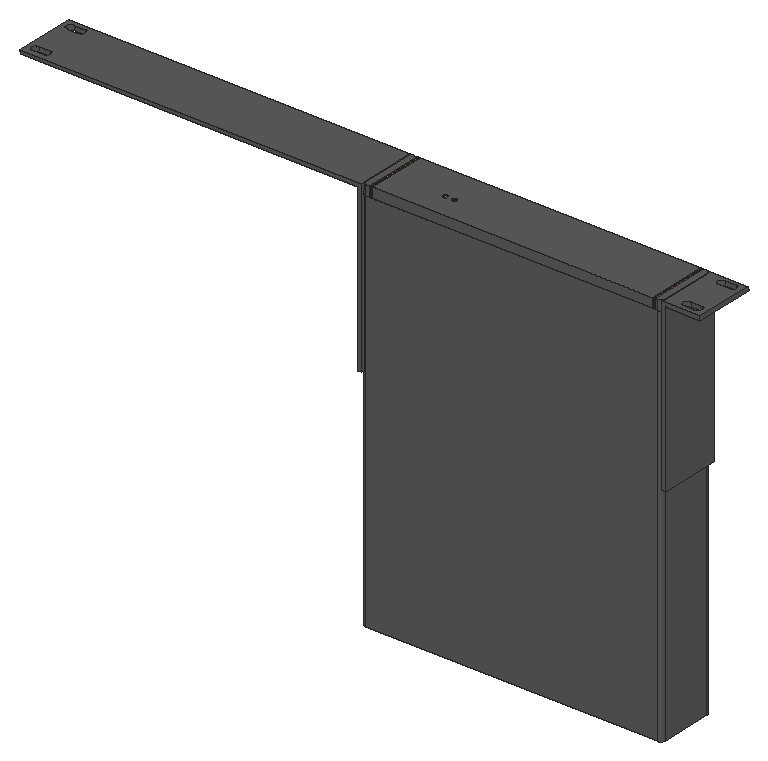
Revit family "Electronics_Amplifiers_Biamp_Voltera_A-600.2", category Communication Devices, host Face, Revit 2020
Family settings
  Host = Face
  Maintain Annotation Orientation = No
  Round Connector Dimension = Use Diameter
  Part Type = Normal
  OmniClass Number = 23.85.10.11.14.14.17
  OmniClass Title = Sound Amplifiers
  Cut with Voids When Loaded = No
  Shared = No
  Room Calculation Point = No
Parameters (values of type "A-600.2")
  Width = 8.66142"  # constant formula
  Weight = 6.10 lbf  # constant formula
  Voltage = 240 V
  Version = 1
  URL = "https://www.biamp.com/"
  Temperature Range = "32-104°F (0-40°C)"  # constant formula
  THD+N (20 - 20000 Hz for 1 W into 8 ohm) = "<0.5%"  # constant formula
  THD+N (1 kHz, 1 dB below clip) = "<0.008%"  # constant formula
  Surface Mount [instance] = Mount Type = Nom Surface Mount  # no
  Single Unit Rack Mount [instance] = Mount Type = Nom Single Unit Rack Mount  # yes
  Signal to Noise ratio (8 ohm) = ">103 dBA"  # constant formula
  Signal level indicator = "Signal level and limiter action"  # constant formula
  Product data url = "https://bimobject.com/biamp/product/a-600-2-amplifier"
  Product Page URL = "https://www.biamp.com/products/product-families/voltera/amplifiers#a-600-2"
  Product Documentation Link = "https://downloads.biamp.com/assets/docs/default-source/data-sheets/biamp_data_sheet_voltera_a-600w-series_amps_aug23.pdf"
  Power Factor = 1
  Number of Poles = 1
  Nom Surface Mount = Surface Mount : Surface Mount
  Nom Single Unit Rack Mount = Single Unit Rack Mount : Single Unit Rack Mount
  Offset_Y [instance] = if(or(Single Unit Rack Mount, Double Unit Left Rack Mount, Double Unit Right Rack Mount), 0", 5.70866")  # 0"
  Offset_X [instance] = if(Single Unit Rack Mount, 19.69", if(or(Freestanding Mount, Surface Mount), 5.91", if(Double Unit Right Rack Mount, 0.89", 10.93")))  # 19.69"
  Offset [instance] = if(or(Single Unit Rack Mount, Double Unit Left Rack Mount, Double Unit Right Rack Mount), 0.11811", if(Freestanding Mount, 1.06299", 0.98425"))  # 0.11811"
  Mount Type [instance] = Single Unit Rack Mount : Single Unit Rack Mount
  Nom Freestanding Mount = Freestanding Mount : Freestanding Mount
  Nom Double Unit Right Rack Mount = Double Unit Right Rack Mount : Double Unit Right Rack Mount
  Nom Double Unit Left Rack Mount = Double Unit Left Rack Mount : Double Unit Left Rack Mount
  Model = "A-600.2"  # constant formula
  Mode switch / ch. (4 Ω / 8 Ω / 70 V / 100 V) = "Defnes the gain and the limiter thresholds"  # constant formula
  Max input level = "+24 dBu"  # constant formula
  Max Power Consumption = 600 W
  Manufacturer = "Biamp"  # constant formula
  Input sensitivity (for all Mode options) = "+4 dBu (1.23 Vrms)"  # constant formula
  Input impedance (balanced) = "8 kohm"  # constant formula
  Included accessories = "Rack solution for single/tandem 19 1 RU mount; Brackets for mounting under table/on wall/under ceiling"  # constant formula
  Humidity = "0-95% non-condensing"  # constant formula
  Housing Material = Biamp - Metal - Black
  High pass flter = "70 Hz 12 dB/octave (on/of)"  # constant formula
  Height = 1.73228"  # constant formula
  Gain trim (default 0 dB) = "In addition to reducing the gain down to -infnity, it can boost the gain and power by up to 3 dB"  # constant formula
  Gain for 8 ohm = "32 dB"  # constant formula
  Gain for 70 / 100 V = "35.2 / 38.2 dB"  # constant formula
  Gain for 4 ohm = "29 dB"  # constant formula
  Frequency response (20 - 20000 Hz, 8 ohm, unweighted) = "+/-0.5 dB"  # constant formula
  Freestanding Mount [instance] = Mount Type = Nom Freestanding Mount  # no
  Double Unit Left Rack Mount [instance] = Mount Type = Nom Double Unit Left Rack Mount  # no
  Double Unit Right Rack Mount [instance] = Mount Type = Nom Double Unit Right Rack Mount  # no
  Description = "Voltera® A Series Compact 2 Channel, 600 Amplifier Models"  # constant formula
  Depth = 11.41732"  # constant formula
  Default Elevation = 48"
  Date Updated = ""
  Date Created = "2023/08/21"
  Cooling = "Variable speed fans, front to back airfow"  # constant formula
  Control/monitoring IO = "Mute all channels (input);Health (output);Sleep mode status (output);Sleep mode (input)"  # constant formula
  Connector Description = "100-240 VAC, 50/60 Hz"  # constant formula
  Channel separation (crosstalk at 1 kHz) = ">75 dB"  # constant formula
  Apparent Load = Max Power Consumption / Power Factor  # 600 VA
  Angle [instance] = if(or(Single Unit Rack Mount, Double Unit Left Rack Mount, Double Unit Right Rack Mount), 0.00°, 90.00°)  # 0.00°
Reference planes (in)
  plane 1 "Center (Front/Back)": y = 0
  plane 2: z = 0
  plane 3 "Center (Left/Right)": x = 0
  plane 4: x = -5.91
Forms (in)
  Extrusion 1, solid, material "Biamp - Metal - Black", visible <- "Single Unit Rack Mount"
    sketch origin (0, 0, 0) x (1, 0, 0) y (0, 0, 1)
      loop
        line (19.2126, 0) -> (19.2126, 0.11811) -> (18.11024, 0.11811) -> (18.11024, -4.76582) -> (18.22835, -4.76582) -> (18.22835, 0) -> (19.2126, 0)
      loop
        line (-0.41195, 0) -> (9.33071, 0) -> (9.33071, -4.76582) -> (9.44882, -4.76582) -> (9.44882, 0.11811) -> (-0.41195, 0.11811) -> (-0.41195, 0)
    from -0.86614 to 0.86614
  Extrusion 2, void
    sketch origin (19.2126, 0, 0.11811) x (0, -1, 0) y (-1, 0, 0)
      loop
        arc (-0.74245, 19.05266) -> (-0.62608, 18.93629) -> (-0.50971, 19.05266) r 0.11637
        line (-0.50971, 19.05266) -> (-0.50971, 19.37254)
        arc (-0.50971, 19.37254) -> (-0.62608, 19.48891) -> (-0.74245, 19.37254) r 0.11637
        line (-0.74245, 19.37254) -> (-0.74245, 19.05266)
      loop
        line (0.74245, 19.05266) -> (0.74245, 19.37254)
        arc (0.74245, 19.37254) -> (0.62608, 19.48891) -> (0.50971, 19.37254) r 0.11637
        line (0.50971, 19.37254) -> (0.50971, 19.05266)
        arc (0.50971, 19.05266) -> (0.62608, 18.93629) -> (0.74245, 19.05266) r 0.11637
      loop
        line (-0.74245, 0.57189) -> (-0.74245, 0.25201)
        arc (-0.74245, 0.25201) -> (-0.62608, 0.13565) -> (-0.50971, 0.25201) r 0.11637
        line (-0.50971, 0.25201) -> (-0.50971, 0.57189)
        arc (-0.50971, 0.57189) -> (-0.62608, 0.68826) -> (-0.74245, 0.57189) r 0.11637
      loop
        arc (0.74245, 0.57189) -> (0.62608, 0.68826) -> (0.50971, 0.57189) r 0.11637
        line (0.50971, 0.57189) -> (0.50971, 0.25201)
        arc (0.50971, 0.25201) -> (0.62608, 0.13565) -> (0.74245, 0.25201) r 0.11637
        line (0.74245, 0.25201) -> (0.74245, 0.57189)
    from 0 to 0.11811
  Revolve 3, solid, material "Biamp - Plastic - Black", visible <- "Freestanding Mount"
    sketch origin (-3.54331, -0.34449, 0) x (0, 1, 0) y (0, 0, 1)
      loop
        line (4.92126, 0.19685) -> (4.58651, 0.19685)
        arc (4.58651, 0.19685) -> (4.72709, 0.05286) -> (4.92126, 0) r 0.38305
        line (4.92126, 0) -> (4.92126, 0.19685)
      axis (4.92126, 0.19685) -> (4.92126, 0)
    angle from 0 to 360
  Revolve 4, solid, material "Biamp - Plastic - Black", visible <- "Freestanding Mount"
    sketch origin (3.54331, -0.34449, 0) x (0, 1, 0) y (0, 0, -1)
      loop
        line (4.92126, -0.19685) -> (4.92126, 0)
        arc (4.92126, 0) -> (4.72709, -0.05286) -> (4.58651, -0.19685) r 0.38305
        line (4.58651, -0.19685) -> (4.92126, -0.19685)
      axis (4.92126, -0.19685) -> (4.92126, 0)
    angle from 0 to 360
  Revolve 5, solid, material "Biamp - Plastic - Black", visible <- "Freestanding Mount"
    sketch origin (-3.54331, 0.34449, 0) x (0, -1, 0) y (0, 0, -1)
      loop
        line (4.92126, -0.19685) -> (4.92126, 0)
        arc (4.92126, 0) -> (4.72709, -0.05286) -> (4.58651, -0.19685) r 0.38305
        line (4.58651, -0.19685) -> (4.92126, -0.19685)
      axis (4.92126, -0.19685) -> (4.92126, 0)
    angle from 0 to 360
  Revolve 6, solid, material "Biamp - Plastic - Black", visible <- "Freestanding Mount"
    sketch origin (3.54331, 0.34449, 0) x (0, -1, 0) y (0, 0, 1)
      loop
        line (4.92126, 0.19685) -> (4.58651, 0.19685)
        arc (4.58651, 0.19685) -> (4.72709, 0.05286) -> (4.92126, 0) r 0.38305
        line (4.92126, 0) -> (4.92126, 0.19685)
      axis (4.92126, 0.19685) -> (4.92126, 0)
    angle from 0 to 360
  Extrusion 7, solid, material "Biamp - Metal - Black", visible <- "Surface Mount", detail levels coarse
    sketch origin (-12.15168, 0, 0) x (1, 0, 0) y (0, 1, 0)
      loop
        line (6.71403, 9.22034) -> (6.71403, 8.08845) -> (8.68254, 8.08845) -> (8.68254, 9.22034) -> (6.71403, 9.22034)
      loop
        line (17.58934, 9.22034) -> (15.62083, 9.22034) -> (15.62083, 8.08845) -> (17.58934, 8.08845) -> (17.58934, 9.22034)
      loop
        line (6.71403, 4.84042) -> (6.71403, 3.70853) -> (8.68254, 3.70853) -> (8.68254, 4.84042) -> (6.71403, 4.84042)
      loop
        line (17.58934, 4.84042) -> (15.62083, 4.84042) -> (15.62083, 3.70853) -> (17.58934, 3.70853) -> (17.58934, 4.84042)
    from 0 to 0.11811
  Extrusion 8, solid, material "Biamp - Metal - Black", visible <- "Surface Mount", detail levels medium+fine
    sketch origin (-12.15168, 0, 0) x (1, 0, 0) y (0, 1, 0)
      loop
        arc (6.91088, 9.22034) -> (6.77169, 9.16268) -> (6.71403, 9.02349) r 0.19685
        line (6.71403, 9.02349) -> (6.71403, 8.2853)
        arc (6.71403, 8.2853) -> (6.77169, 8.1461) -> (6.91088, 8.08845) r 0.19685
        line (6.91088, 8.08845) -> (8.48569, 8.08845)
        arc (8.48569, 8.08845) -> (8.62488, 8.1461) -> (8.68254, 8.2853) r 0.19685
        line (8.68254, 8.2853) -> (8.68254, 9.02349)
        arc (8.68254, 9.02349) -> (8.62488, 9.16268) -> (8.48569, 9.22034) r 0.19685
        line (8.48569, 9.22034) -> (6.91088, 9.22034)
      loop
        arc (6.91088, 4.84042) -> (6.77169, 4.78276) -> (6.71403, 4.64357) r 0.19685
        line (6.71403, 4.64357) -> (6.71403, 3.90538)
        arc (6.71403, 3.90538) -> (6.77169, 3.76618) -> (6.91088, 3.70853) r 0.19685
        line (6.91088, 3.70853) -> (8.48569, 3.70853)
        arc (8.48569, 3.70853) -> (8.62488, 3.76618) -> (8.68254, 3.90538) r 0.19685
        line (8.68254, 3.90538) -> (8.68254, 4.64357)
        arc (8.68254, 4.64357) -> (8.62488, 4.78276) -> (8.48569, 4.84042) r 0.19685
        line (8.48569, 4.84042) -> (6.91088, 4.84042)
      loop
        arc (15.81768, 9.22034) -> (15.67849, 9.16268) -> (15.62083, 9.02349) r 0.19685
        line (15.62083, 9.02349) -> (15.62083, 8.2853)
        arc (15.62083, 8.2853) -> (15.67849, 8.1461) -> (15.81768, 8.08845) r 0.19685
        line (15.81768, 8.08845) -> (17.39249, 8.08845)
        arc (17.39249, 8.08845) -> (17.53168, 8.1461) -> (17.58934, 8.2853) r 0.19685
        line (17.58934, 8.2853) -> (17.58934, 9.02349)
        arc (17.58934, 9.02349) -> (17.53168, 9.16268) -> (17.39249, 9.22034) r 0.19685
        line (17.39249, 9.22034) -> (15.81768, 9.22034)
      loop
        arc (15.81768, 4.84042) -> (15.67849, 4.78276) -> (15.62083, 4.64357) r 0.19685
        line (15.62083, 4.64357) -> (15.62083, 3.90538)
        arc (15.62083, 3.90538) -> (15.67849, 3.76618) -> (15.81768, 3.70853) r 0.19685
        line (15.81768, 3.70853) -> (17.39249, 3.70853)
        arc (17.39249, 3.70853) -> (17.53168, 3.76618) -> (17.58934, 3.90538) r 0.19685
        line (17.58934, 3.90538) -> (17.58934, 4.64357)
        arc (17.58934, 4.64357) -> (17.53168, 4.78276) -> (17.39249, 4.84042) r 0.19685
        line (17.39249, 4.84042) -> (15.81768, 4.84042)
    from 0 to 0.11811
  Extrusion 9, solid, material "Biamp - Metal - Black", visible <- "Double Unit Right Rack Mount"
    sketch origin (0, 0, 0) x (1, 0, 0) y (0, 0, 1)
      loop
        line (0.41307, 0) -> (0.41307, 0.11811) -> (-0.68929, 0.11811) -> (-0.68929, -4.76582) -> (-0.57118, -4.76582) -> (-0.57118, 0) -> (0.41307, 0)
    from -0.86614 to 0.86614
  Extrusion 10, solid, material "Biamp - Metal - Black", visible <- "Double Unit Left Rack Mount"
    sketch origin (0, 0, 0) x (1, 0, 0) y (0, 0, 1)
      loop
        line (-0.41195, 0) -> (0.5723, 0) -> (0.5723, -4.76582) -> (0.69041, -4.76582) -> (0.69041, 0.11811) -> (-0.41195, 0.11811) -> (-0.41195, 0)
    from -0.86614 to 0.86614
  Extrusion 11, solid, material "Biamp - Metal - Black", visible <- "Double Unit Left Rack Mount", detail levels coarse
    sketch origin (-0.54395, 0, 0) x (1, 0, 0) y (0, 0, 1)
      loop
        line (10.92978, -3.59055) -> (8.96127, -3.59055) -> (8.96127, -4.72244) -> (10.92978, -4.72244) -> (10.92978, -3.59055)
      loop
        line (10.92978, -7.97047) -> (8.96127, -7.97047) -> (8.96127, -9.10236) -> (10.92978, -9.10236) -> (10.92978, -7.97047)
    from 0.86614 to 0.98425
  Extrusion 12, solid, material "Biamp - Metal - Black", visible <- "Double Unit Left Rack Mount", detail levels medium+fine
    sketch origin (-0.54395, 0, 0) x (1, 0, 0) y (0, 0, 1)
      loop
        line (10.73293, -3.59055) -> (9.15812, -3.59055)
        arc (9.15812, -3.59055) -> (9.01893, -3.64821) -> (8.96127, -3.7874) r 0.19685
        line (8.96127, -3.7874) -> (8.96127, -4.52559)
        arc (8.96127, -4.52559) -> (9.01893, -4.66478) -> (9.15812, -4.72244) r 0.19685
        line (9.15812, -4.72244) -> (10.73293, -4.72244)
        arc (10.73293, -4.72244) -> (10.87212, -4.66478) -> (10.92978, -4.52559) r 0.19685
        line (10.92978, -4.52559) -> (10.92978, -3.7874)
        arc (10.92978, -3.7874) -> (10.87212, -3.64821) -> (10.73293, -3.59055) r 0.19685
      loop
        line (10.73293, -7.97047) -> (9.15812, -7.97047)
        arc (9.15812, -7.97047) -> (9.01893, -8.02813) -> (8.96127, -8.16732) r 0.19685
        line (8.96127, -8.16732) -> (8.96127, -8.90551)
        arc (8.96127, -8.90551) -> (9.01893, -9.04471) -> (9.15812, -9.10236) r 0.19685
        line (9.15812, -9.10236) -> (10.73293, -9.10236)
        arc (10.73293, -9.10236) -> (10.87212, -9.04471) -> (10.92978, -8.90551) r 0.19685
        line (10.92978, -8.90551) -> (10.92978, -8.16732)
        arc (10.92978, -8.16732) -> (10.87212, -8.02813) -> (10.73293, -7.97047) r 0.19685
    from 0.86614 to 0.98425
Cuts and joins
  Extrusion 2 cuts Extrusion 1
  Extrusion 2 cuts Extrusion 9
  Extrusion 2 cuts Extrusion 10
Lines and regions (in)
  Masking region 1, visible <- "Single Unit Rack Mount"
    outline origin (0, -5.70866, 0) x (1, 0, 0) y (0, 1, 0)
      loop
        line (-0.41195, 6.5748) -> (-0.41195, 4.84252) -> (9.33071, 4.84252) -> (9.33071, 6.5748) -> (-0.41195, 6.5748)
      loop
        line (18.22835, 6.5748) -> (18.22835, 4.84252) -> (19.2126, 4.84252) -> (19.2126, 6.5748) -> (18.22835, 6.5748)
      loop
        line (-0.15994, 6.21837) -> (0.15994, 6.21837)
        arc (0.15994, 6.21837) -> (0.27631, 6.33474) -> (0.15994, 6.45111) r 0.11637
        line (0.15994, 6.45111) -> (-0.15994, 6.45111)
        arc (-0.15994, 6.45111) -> (-0.27631, 6.33474) -> (-0.15994, 6.21837) r 0.11637
      loop
        arc (-0.15994, 5.19895) -> (-0.27631, 5.08258) -> (-0.15994, 4.96622) r 0.11637
        line (-0.15994, 4.96622) -> (0.15994, 4.96622)
        arc (0.15994, 4.96622) -> (0.27631, 5.08258) -> (0.15994, 5.19895) r 0.11637
        line (0.15994, 5.19895) -> (-0.15994, 5.19895)
      loop
        arc (18.96059, 6.21837) -> (19.07695, 6.33474) -> (18.96059, 6.45111) r 0.11637
        line (18.96059, 6.45111) -> (18.6407, 6.45111)
        arc (18.6407, 6.45111) -> (18.52434, 6.33474) -> (18.6407, 6.21837) r 0.11637
        line (18.6407, 6.21837) -> (18.96059, 6.21837)
      loop
        line (18.96059, 5.19895) -> (18.6407, 5.19895)
        arc (18.6407, 5.19895) -> (18.52434, 5.08258) -> (18.6407, 4.96622) r 0.11637
        line (18.6407, 4.96622) -> (18.96059, 4.96622)
        arc (18.96059, 4.96622) -> (19.07695, 5.08258) -> (18.96059, 5.19895) r 0.11637
  Masking region 2, visible <- "Single Unit Rack Mount"
    outline origin (0, -5.70866, 0) x (1, 0, 0) y (0, 1, 0)
      loop
        line (9.33071, 6.5748) -> (9.33071, 4.84252) -> (9.44882, 4.84252) -> (9.44882, 6.5748) -> (9.33071, 6.5748)
      loop
        line (18.11024, 6.5748) -> (18.11024, 4.84252) -> (18.22835, 4.84252) -> (18.22835, 6.5748) -> (18.11024, 6.5748)
  Masking region 3, visible <- "Double Unit Left Rack Mount"
    outline origin (-18.80064, -5.70866, 0) x (1, 0, 0) y (0, 1, 0)
      loop
        line (18.22835, 6.5748) -> (18.22835, 4.84252) -> (19.2126, 4.84252) -> (19.2126, 6.5748) -> (18.22835, 6.5748)
      loop
        arc (18.96059, 6.21837) -> (19.07695, 6.33474) -> (18.96059, 6.45111) r 0.11637
        line (18.96059, 6.45111) -> (18.6407, 6.45111)
        arc (18.6407, 6.45111) -> (18.52434, 6.33474) -> (18.6407, 6.21837) r 0.11637
        line (18.6407, 6.21837) -> (18.96059, 6.21837)
      loop
        line (18.96059, 5.19895) -> (18.6407, 5.19895)
        arc (18.6407, 5.19895) -> (18.52434, 5.08258) -> (18.6407, 4.96622) r 0.11637
        line (18.6407, 4.96622) -> (18.96059, 4.96622)
        arc (18.96059, 4.96622) -> (19.07695, 5.08258) -> (18.96059, 5.19895) r 0.11637
  Masking region 4, visible <- "Double Unit Left Rack Mount"
    outline origin (-18.80064, -5.70866, 0) x (1, 0, 0) y (0, 1, 0)
      loop
        line (18.11024, 6.5748) -> (18.11024, 4.84252) -> (18.22835, 4.84252) -> (18.22835, 6.5748) -> (18.11024, 6.5748)
  Masking region 5, visible <- "Double Unit Right Rack Mount"
    outline origin (0, -5.70866, 0) x (1, 0, 0) y (0, 1, 0)
      loop
        line (-0.41195, 6.5748) -> (-0.41195, 4.84252) -> (0.5723, 4.84252) -> (0.5723, 6.5748) -> (-0.41195, 6.5748)
      loop
        line (-0.15994, 6.21837) -> (0.15994, 6.21837)
        arc (0.15994, 6.21837) -> (0.27631, 6.33474) -> (0.15994, 6.45111) r 0.11637
        line (0.15994, 6.45111) -> (-0.15994, 6.45111)
        arc (-0.15994, 6.45111) -> (-0.27631, 6.33474) -> (-0.15994, 6.21837) r 0.11637
      loop
        arc (-0.15994, 5.19895) -> (-0.27631, 5.08258) -> (-0.15994, 4.96622) r 0.11637
        line (-0.15994, 4.96622) -> (0.15994, 4.96622)
        arc (0.15994, 4.96622) -> (0.27631, 5.08258) -> (0.15994, 5.19895) r 0.11637
        line (0.15994, 5.19895) -> (-0.15994, 5.19895)
  Masking region 6, visible <- "Double Unit Right Rack Mount"
    outline origin (0, -5.70866, 0) x (1, 0, 0) y (0, 1, 0)
      loop
        line (0.5723, 6.5748) -> (0.5723, 4.84252) -> (0.69041, 4.84252) -> (0.69041, 6.5748) -> (0.5723, 6.5748)
  Masking region 7, visible <- "Surface Mount", detail levels coarse
    outline origin (-12.15168, 0, 0) x (1, 0, 0) y (0, 1, 0)
      loop
        line (6.71403, 9.22034) -> (6.71403, 8.08845) -> (7.84082, 8.08845) -> (7.84082, 9.22034) -> (6.71403, 9.22034)
      loop
        line (6.71403, 4.84042) -> (6.71403, 3.70853) -> (7.84082, 3.70853) -> (7.84082, 4.84042) -> (6.71403, 4.84042)
      loop
        line (17.58934, 9.22034) -> (16.46255, 9.22034) -> (16.46255, 8.08845) -> (17.58934, 8.08845) -> (17.58934, 9.22034)
      loop
        line (17.58934, 4.84042) -> (16.46255, 4.84042) -> (16.46255, 3.70853) -> (17.58934, 3.70853) -> (17.58934, 4.84042)
  Masking region 8, visible <- "Surface Mount", detail levels medium+fine
    outline origin (-12.15168, 0, 0) x (1, 0, 0) y (0, 1, 0)
      loop
        arc (6.91088, 9.22034) -> (6.77169, 9.16268) -> (6.71403, 9.02349) r 0.19685
        line (6.71403, 9.02349) -> (6.71403, 8.2853)
        arc (6.71403, 8.2853) -> (6.77169, 8.1461) -> (6.91088, 8.08845) r 0.19685
        line (6.91088, 8.08845) -> (7.84082, 8.08845) -> (7.84082, 9.22034) -> (6.91088, 9.22034)
      loop
        arc (6.91088, 4.84042) -> (6.77169, 4.78276) -> (6.71403, 4.64357) r 0.19685
        line (6.71403, 4.64357) -> (6.71403, 3.90538)
        arc (6.71403, 3.90538) -> (6.77169, 3.76618) -> (6.91088, 3.70853) r 0.19685
        line (6.91088, 3.70853) -> (7.84082, 3.70853) -> (7.84082, 4.84042) -> (6.91088, 4.84042)
      loop
        line (17.39249, 9.22034) -> (16.46255, 9.22034) -> (16.46255, 8.08845) -> (17.39249, 8.08845)
        arc (17.39249, 8.08845) -> (17.53168, 8.1461) -> (17.58934, 8.2853) r 0.19685
        line (17.58934, 8.2853) -> (17.58934, 9.02349)
        arc (17.58934, 9.02349) -> (17.53168, 9.16268) -> (17.39249, 9.22034) r 0.19685
      loop
        line (17.39249, 4.84042) -> (16.46255, 4.84042) -> (16.46255, 3.70853) -> (17.39249, 3.70853)
        arc (17.39249, 3.70853) -> (17.53168, 3.76618) -> (17.58934, 3.90538) r 0.19685
        line (17.58934, 3.90538) -> (17.58934, 4.64357)
        arc (17.58934, 4.64357) -> (17.53168, 4.78276) -> (17.39249, 4.84042) r 0.19685
  Masking region 9, visible <- "Surface Mount"
    outline origin (0, 0, 0) x (1, 0, 0) y (0, 0, 1)
      loop
        line (-5.43765, 0.11811) -> (-5.43765, 0) -> (-3.46915, 0) -> (-3.46915, 0.11811) -> (-5.43765, 0.11811)
      loop
        line (5.43765, 0.11811) -> (3.46915, 0.11811) -> (3.46915, 0) -> (5.43765, 0) -> (5.43765, 0.11811)
  Masking region 10, visible <- "Freestanding Mount"
    outline origin (0, 0, 0) x (1, 0, 0) y (0, 0, 1)
      loop
        line (-3.54331, 0.19685) -> (-3.87806, 0.19685)
        arc (-3.87806, 0.19685) -> (-3.54331, -0.00007) -> (-3.20856, 0.19685) r 0.38298
        line (-3.20856, 0.19685) -> (-3.54331, 0.19685)
      loop
        line (3.54331, 0.19685) -> (3.20856, 0.19685)
        arc (3.20856, 0.19685) -> (3.54331, -0.00007) -> (3.87806, 0.19685) r 0.38298
        line (3.87806, 0.19685) -> (3.54331, 0.19685)
  Masking region 11, visible <- "Double Unit Right Rack Mount"
    outline origin (0, 0, 0) x (1, 0, 0) y (0, 0, 1)
      loop
        line (-0.41195, 0.11811) -> (-0.41195, 0) -> (0.5723, 0) -> (0.5723, -4.76582) -> (0.69041, -4.76582) -> (0.69041, 0.11811) -> (-0.41195, 0.11811)
  Masking region 12, visible <- "Double Unit Left Rack Mount"
    outline origin (18.80064, 0, 0) x (-1, 0, 0) y (0, 0, 1)
      loop
        line (-0.41195, 0.11811) -> (-0.41195, 0) -> (0.5723, 0) -> (0.5723, -4.76582) -> (0.69041, -4.76582) -> (0.69041, 0.11811) -> (-0.41195, 0.11811)
  Masking region 13, visible <- "Single Unit Rack Mount"
    outline origin (18.80064, 0, 0) x (-1, 0, 0) y (0, 0, 1)
      loop
        line (-0.41195, 0.11811) -> (-0.41195, 0) -> (0.5723, 0) -> (0.5723, -4.76582) -> (0.69041, -4.76582) -> (0.69041, 0.11811) -> (-0.41195, 0.11811)
      loop
        line (19.2126, 0) -> (19.2126, 0.11811) -> (9.35183, 0.11811) -> (9.35183, -4.76582) -> (9.46994, -4.76582) -> (9.46994, 0) -> (19.2126, 0)
  Masking region 14, visible <- "Double Unit Right Rack Mount", detail levels coarse
    outline origin (-0.54395, 0, 0) x (1, 0, 0) y (0, 0, 1)
      loop
        line (8.96127, -3.59055) -> (8.96127, -4.72244) -> (10.92978, -4.72244) -> (10.92978, -3.59055) -> (8.96127, -3.59055)
      loop
        line (8.96127, -7.97047) -> (8.96127, -9.10236) -> (10.92978, -9.10236) -> (10.92978, -7.97047) -> (8.96127, -7.97047)
  Masking region 15, visible <- "Double Unit Right Rack Mount", detail levels medium+fine
    outline origin (-0.54395, 0, 0) x (1, 0, 0) y (0, 0, 1)
      loop
        arc (9.15812, -3.59055) -> (9.01893, -3.64821) -> (8.96127, -3.7874) r 0.19685
        line (8.96127, -3.7874) -> (8.96127, -4.52559)
        arc (8.96127, -4.52559) -> (9.01893, -4.66478) -> (9.15812, -4.72244) r 0.19685
        line (9.15812, -4.72244) -> (10.73293, -4.72244)
        arc (10.73293, -4.72244) -> (10.87212, -4.66478) -> (10.92978, -4.52559) r 0.19685
        line (10.92978, -4.52559) -> (10.92978, -3.7874)
        arc (10.92978, -3.7874) -> (10.87212, -3.64821) -> (10.73293, -3.59055) r 0.19685
        line (10.73293, -3.59055) -> (9.15812, -3.59055)
      loop
        arc (9.15812, -7.97047) -> (9.01893, -8.02813) -> (8.96127, -8.16732) r 0.19685
        line (8.96127, -8.16732) -> (8.96127, -8.90551)
        arc (8.96127, -8.90551) -> (9.01893, -9.04471) -> (9.15812, -9.10236) r 0.19685
        line (9.15812, -9.10236) -> (10.73293, -9.10236)
        arc (10.73293, -9.10236) -> (10.87212, -9.04471) -> (10.92978, -8.90551) r 0.19685
        line (10.92978, -8.90551) -> (10.92978, -8.16732)
        arc (10.92978, -8.16732) -> (10.87212, -8.02813) -> (10.73293, -7.97047) r 0.19685
        line (10.73293, -7.97047) -> (9.15812, -7.97047)
  reference lines
    curve 1: line (-12.15168, 0, 0) -> (27.21839, 0, 0)
    curve 2: line (13.78, -14.07308, 0) -> (13.78, 30.80881, 0)
    curve 3: line (13.78, 28.70922, 0.11811) -> (13.78, -14.59787, 0.11811)
    curve 4: line (13.78, 0, -5.3937) -> (13.78, 0, 16.65354)
    curve 5: line (13.78, 0, -5.55602) -> (13.78, 0, 0.11811)
Dimensions and locks (in)
  "Offset_Y": curve 1 to plane 1 "Center (Front/Back)"
  "Offset_X": plane 4 to curve 2
  "Offset": curve 3 to plane 2
  locked: plane 4 to plane 3 "Center (Left/Right)" at 5.91
  "Angle": angle curve 5 to curve 4
  aligned and locked: plane 2 to host face
  aligned and locked: level to host face
  aligned and locked: curve 4 to curve 5
  aligned and locked: curve 3 to curve 5
Automatic sketch dimensions
  host sketch curve to host sketch curve = 96"  (x2)
  curve 4 to curve 3 = 14.59787"
  curve 4 to curve 3 = 16.53543"
  curve 4 to curve 3 = 5.51181"
  Extrusion 1 sketch curve to level = 0"  (x2)
  Extrusion 1 sketch curve to plane 3 "Center (Left/Right)" = 0.41195"
  plane 3 "Center (Left/Right)" to Extrusion 1 sketch curve = 9.33071"
  Extrusion 1 sketch curve to Extrusion 1 sketch curve = 0.11811"  (x3)
  Extrusion 1 sketch curve to Extrusion 1 sketch curve = 8.66142"
  Extrusion 1 sketch curve to Extrusion 1 sketch curve = 0.98425"
  Extrusion 1 sketch curve to level = 4.76582"  (x2)
  level to Extrusion 1 sketch curve = 0.11811"
  Extrusion 1 to Extrusion 2 sketch curve = 0.1237"  (x2)
  Extrusion 2 sketch curve to Extrusion 2 sketch curve = 0.11637"  (x4)
  Extrusion 1 to Extrusion 2 sketch curve = 0.35643"  (x2)
  Extrusion 1 to Extrusion 2 sketch curve = 18.27018"
  Extrusion 2 sketch curve to Extrusion 2 sketch curve = 0"
  Extrusion 2 sketch curve to Extrusion 2 sketch curve = 0.31988"  (x2)
  Extrusion 1 to Extrusion 2 sketch curve = 0.57189"  (x2)
  Extrusion 1 to Extrusion 2 sketch curve = 0.25201"  (x2)
  Revolve 3 sketch curve to level = 0"
  level to Revolve 3 sketch curve = 0.19685"
  Revolve 3 sketch curve to plane 1 "Center (Front/Back)" = 4.24202"
  Revolve 3 sketch curve to Revolve 3 sketch curve = 0.33475"
  Revolve 3 sketch curve to Revolve 3 sketch curve = 0"  (x2)
  Revolve 3 sketch curve to level = 0.10776"
  Revolve 4 sketch curve to level = 0"
  level to Revolve 4 sketch curve = 0.19685"
  Revolve 4 sketch curve to plane 1 "Center (Front/Back)" = 4.24202"
  Revolve 4 sketch curve to Revolve 4 sketch curve = 0.33475"
  Revolve 4 sketch curve to Revolve 4 sketch curve = 0"  (x2)
  Revolve 4 sketch curve to level = 0.10776"
  Revolve 5 sketch curve to level = 0"
  level to Revolve 5 sketch curve = 0.19685"
  plane 1 "Center (Front/Back)" to Revolve 5 sketch curve = 4.24202"
  Revolve 5 sketch curve to Revolve 5 sketch curve = 0.33475"
  Revolve 5 sketch curve to Revolve 5 sketch curve = 0"  (x2)
  Revolve 5 sketch curve to level = 0.10776"
  Revolve 6 sketch curve to level = 0"
  level to Revolve 6 sketch curve = 0.19685"
  plane 1 "Center (Front/Back)" to Revolve 6 sketch curve = 4.24202"
  Revolve 6 sketch curve to Revolve 6 sketch curve = 0.33475"
  Revolve 6 sketch curve to Revolve 6 sketch curve = 0"  (x2)
  Revolve 6 sketch curve to level = 0.10776"
  curve 1 to Extrusion 7 sketch curve = 6.71403"
  Extrusion 7 sketch curve to Extrusion 7 sketch curve = 0"  (x2)
  Extrusion 7 sketch curve to Extrusion 7 sketch curve = 1.9685"  (x4)
  Extrusion 7 sketch curve to Extrusion 7 sketch curve = 6.9383"
  Extrusion 7 sketch curve to curve 1 = 3.70853"  (x2)
  Extrusion 7 sketch curve to Extrusion 7 sketch curve = 1.13189"  (x4)
  Extrusion 7 sketch curve to Extrusion 7 sketch curve = 3.24803"  (x2)
  curve 1 to Extrusion 8 sketch curve = 6.71403"
  Extrusion 8 sketch curve to Extrusion 8 sketch curve = 0"  (x6)
  Extrusion 8 sketch curve to Extrusion 8 sketch curve = 0.19685"  (x12)
  Extrusion 8 sketch curve to Extrusion 8 sketch curve = 1.5748"  (x4)
  Extrusion 8 sketch curve to Extrusion 8 sketch curve = 6.9383"
  Extrusion 8 sketch curve to curve 1 = 3.70853"  (x2)
  Extrusion 8 sketch curve to Extrusion 8 sketch curve = 0.73819"  (x4)
  Extrusion 8 sketch curve to Extrusion 8 sketch curve = 3.24803"  (x2)
  Extrusion 9 sketch curve to level = 0"
  Extrusion 9 sketch curve to level = 4.76582"
  Extrusion 9 sketch curve to plane 3 "Center (Left/Right)" = 0.68929"
  Extrusion 9 sketch curve to Extrusion 9 sketch curve = 0.11811"
  level to Extrusion 9 sketch curve = 0.11811"
  Extrusion 9 sketch curve to Extrusion 9 sketch curve = 0.98425"
  Extrusion 10 sketch curve to level = 0"
  level to Extrusion 10 sketch curve = 0.11811"
  Extrusion 10 sketch curve to plane 3 "Center (Left/Right)" = 0.41195"
  plane 3 "Center (Left/Right)" to Extrusion 10 sketch curve = 0.5723"
  Extrusion 10 sketch curve to Extrusion 10 sketch curve = 0.11811"
  Extrusion 10 sketch curve to level = 4.76582"
  plane 3 "Center (Left/Right)" to Extrusion 11 sketch curve = 8.41732"
  Extrusion 11 sketch curve to Extrusion 11 sketch curve = 0"
  Extrusion 11 sketch curve to Extrusion 11 sketch curve = 1.9685"  (x2)
  Extrusion 11 sketch curve to level = 9.10236"
  Extrusion 11 sketch curve to Extrusion 11 sketch curve = 1.13189"  (x2)
  Extrusion 11 sketch curve to Extrusion 11 sketch curve = 3.24803"
  plane 3 "Center (Left/Right)" to Extrusion 12 sketch curve = 8.41732"
  Extrusion 12 sketch curve to Extrusion 12 sketch curve = 0"  (x3)
  Extrusion 12 sketch curve to Extrusion 12 sketch curve = 0.19685"  (x6)
  Extrusion 12 sketch curve to Extrusion 12 sketch curve = 1.5748"  (x2)
  Extrusion 12 sketch curve to level = 9.10236"
  Extrusion 12 sketch curve to Extrusion 12 sketch curve = 0.73819"  (x2)
  Extrusion 12 sketch curve to Extrusion 12 sketch curve = 3.24803"
  Masking region 1 sketch curve to plane 3 "Center (Left/Right)" = 0.41195"
  Masking region 1 sketch curve to plane 3 "Center (Left/Right)" = 0.15994"  (x2)
  plane 3 "Center (Left/Right)" to Masking region 1 sketch curve = 0.15994"  (x2)
  Masking region 1 sketch curve to plane 1 "Center (Front/Back)" = 0.86614"  (x2)
  Masking region 1 sketch curve to Masking region 1 sketch curve = 9.17077"
  plane 1 "Center (Front/Back)" to Masking region 1 sketch curve = 0.86614"  (x2)
  Masking region 1 sketch curve to Masking region 1 sketch curve = 8.89764"
  Masking region 1 sketch curve to Masking region 1 sketch curve = 0.41236"  (x2)
  Masking region 1 sketch curve to plane 1 "Center (Front/Back)" = 0.50971"
  Masking region 1 sketch curve to Masking region 1 sketch curve = 0.31988"  (x2)
  Masking region 1 sketch curve to Masking region 1 sketch curve = 0.25201"
  Masking region 1 sketch curve to Masking region 1 sketch curve = 0.1237"  (x2)
  Masking region 1 sketch curve to Masking region 1 sketch curve = 0.11637"  (x4)
  Masking region 1 sketch curve to Masking region 1 sketch curve = 0.35643"
  plane 1 "Center (Front/Back)" to Masking region 2 sketch curve = 0.86614"  (x2)
  plane 3 "Center (Left/Right)" to Masking region 2 sketch curve = 9.33071"
  Masking region 2 sketch curve to Masking region 2 sketch curve = 0.11811"  (x2)
  Masking region 2 sketch curve to plane 1 "Center (Front/Back)" = 0.86614"  (x2)
  Masking region 2 sketch curve to Masking region 2 sketch curve = 8.66142"
  plane 1 "Center (Front/Back)" to Masking region 3 sketch curve = 0.86614"
  Masking region 3 sketch curve to plane 3 "Center (Left/Right)" = 0.5723"
  Masking region 3 sketch curve to Masking region 3 sketch curve = 0.41236"  (x2)
  Masking region 3 sketch curve to Masking region 3 sketch curve = 0.31988"  (x2)
  Masking region 3 sketch curve to Masking region 3 sketch curve = 0.25201"
  Masking region 3 sketch curve to Masking region 3 sketch curve = 0.1237"
  Masking region 3 sketch curve to Masking region 3 sketch curve = 0.11637"  (x2)
  Masking region 3 sketch curve to plane 1 "Center (Front/Back)" = 0.50971"
  Masking region 3 sketch curve to plane 1 "Center (Front/Back)" = 0.86614"
  plane 1 "Center (Front/Back)" to Masking region 4 sketch curve = 0.86614"
  Masking region 4 sketch curve to plane 3 "Center (Left/Right)" = 0.69041"
  Masking region 4 sketch curve to Masking region 4 sketch curve = 0.11811"
  Masking region 4 sketch curve to plane 1 "Center (Front/Back)" = 0.86614"
  Masking region 5 sketch curve to plane 3 "Center (Left/Right)" = 0.41195"
  Masking region 5 sketch curve to plane 3 "Center (Left/Right)" = 0.15994"  (x2)
  plane 3 "Center (Left/Right)" to Masking region 5 sketch curve = 0.15994"  (x2)
  Masking region 5 sketch curve to Masking region 5 sketch curve = 0.41236"
  plane 1 "Center (Front/Back)" to Masking region 5 sketch curve = 0.86614"
  Masking region 5 sketch curve to Masking region 5 sketch curve = 0.1237"  (x2)
  Masking region 5 sketch curve to Masking region 5 sketch curve = 0.11637"  (x2)
  Masking region 5 sketch curve to plane 1 "Center (Front/Back)" = 0.50971"
  plane 3 "Center (Left/Right)" to Masking region 6 sketch curve = 0.5723"
  Masking region 6 sketch curve to Masking region 6 sketch curve = 0.11811"
  plane 1 "Center (Front/Back)" to Masking region 6 sketch curve = 0.86614"
  Masking region 6 sketch curve to plane 1 "Center (Front/Back)" = 0.86614"
  curve 1 to Masking region 7 sketch curve = 6.71403"
  Masking region 7 sketch curve to Masking region 7 sketch curve = 0"  (x2)
  Masking region 7 sketch curve to Masking region 7 sketch curve = 1.12679"  (x4)
  Masking region 7 sketch curve to curve 1 = 3.70853"  (x2)
  Masking region 7 sketch curve to Masking region 7 sketch curve = 8.62172"
  Masking region 7 sketch curve to Masking region 7 sketch curve = 1.13189"  (x4)
  Masking region 7 sketch curve to Masking region 7 sketch curve = 3.24803"  (x2)
  curve 1 to Masking region 8 sketch curve = 6.71403"
  Masking region 8 sketch curve to Masking region 8 sketch curve = 0"  (x3)
  Masking region 8 sketch curve to Masking region 8 sketch curve = 0.19685"  (x6)
  Masking region 8 sketch curve to Masking region 8 sketch curve = 0.92994"  (x5)
  Masking region 8 sketch curve to curve 1 = 4.84042"
  Masking region 8 sketch curve to Masking region 8 sketch curve = 8.62172"
  Masking region 8 sketch curve to curve 1 = 4.64357"
  Masking region 8 sketch curve to Masking region 8 sketch curve = 0.73819"  (x4)
  Masking region 8 sketch curve to Masking region 8 sketch curve = 3.24803"  (x2)
  Masking region 9 sketch curve to level = 0"  (x2)
  Masking region 9 sketch curve to plane 3 "Center (Left/Right)" = 5.43765"
  Masking region 9 sketch curve to Masking region 9 sketch curve = 1.9685"  (x2)
  plane 3 "Center (Left/Right)" to Masking region 9 sketch curve = 3.46915"
  level to Masking region 9 sketch curve = 0.11811"  (x2)
  level to Masking region 10 sketch curve = 0.19685"  (x2)
  Masking region 10 sketch curve to plane 3 "Center (Left/Right)" = 3.87806"
  Masking region 10 sketch curve to Masking region 10 sketch curve = 0.33475"  (x2)
  Masking region 10 sketch curve to Masking region 10 sketch curve = 0"  (x2)
  plane 3 "Center (Left/Right)" to Masking region 10 sketch curve = 3.20856"
  Masking region 10 sketch curve to Masking region 10 sketch curve = 0.18606"  (x2)
  Masking region 11 sketch curve to level = 0"
  level to Masking region 11 sketch curve = 0.11811"
  Masking region 11 sketch curve to plane 3 "Center (Left/Right)" = 0.41195"
  plane 3 "Center (Left/Right)" to Masking region 11 sketch curve = 0.5723"
  Masking region 11 sketch curve to Masking region 11 sketch curve = 0.11811"
  Masking region 11 sketch curve to level = 4.76582"
  Masking region 12 sketch curve to level = 0"
  level to Masking region 12 sketch curve = 0.11811"
  plane 3 "Center (Left/Right)" to Masking region 12 sketch curve = 19.2126"
  Masking region 12 sketch curve to Masking region 12 sketch curve = 0.98425"
  Masking region 12 sketch curve to Masking region 12 sketch curve = 0.11811"
  Masking region 12 sketch curve to level = 4.76582"
  Masking region 13 sketch curve to level = 0"  (x2)
  level to Masking region 13 sketch curve = 0.11811"  (x2)
  plane 3 "Center (Left/Right)" to Masking region 13 sketch curve = 19.2126"
  Masking region 13 sketch curve to Masking region 13 sketch curve = 0.98425"
  Masking region 13 sketch curve to Masking region 13 sketch curve = 0.11811"  (x2)
  Masking region 13 sketch curve to Masking region 13 sketch curve = 8.66142"
  Masking region 13 sketch curve to plane 3 "Center (Left/Right)" = 0.41195"
  Masking region 13 sketch curve to level = 4.76582"  (x2)
  Masking region 14 sketch curve to level = 3.59055"
  plane 3 "Center (Left/Right)" to Masking region 14 sketch curve = 8.41732"
  Masking region 14 sketch curve to Masking region 14 sketch curve = 0"
  Masking region 14 sketch curve to Masking region 14 sketch curve = 1.9685"  (x2)
  Masking region 14 sketch curve to Masking region 14 sketch curve = 1.13189"  (x2)
  Masking region 14 sketch curve to Masking region 14 sketch curve = 3.24803"
  plane 3 "Center (Left/Right)" to Masking region 15 sketch curve = 8.41732"
  Masking region 15 sketch curve to Masking region 15 sketch curve = 0"  (x3)
  Masking region 15 sketch curve to Masking region 15 sketch curve = 0.19685"  (x6)
  Masking region 15 sketch curve to Masking region 15 sketch curve = 1.5748"  (x2)
  Masking region 15 sketch curve to level = 9.10236"
  Masking region 15 sketch curve to Masking region 15 sketch curve = 0.73819"  (x2)
  Masking region 15 sketch curve to Masking region 15 sketch curve = 3.24803"
  plane 4 to curve 1 = 6.24168"
  plane 3 "Center (Left/Right)" to curve 1 = 27.21839"
  curve 2 to curve 1 = 14.07308"
  curve 1 to curve 2 = 30.80881"
  curve 3 to curve 2 = 0.52479"
  curve 3 to curve 2 = 2.09959"
Nested families (in)
  nested 1: "Freestanding Mount" at (0, 0, 0), type "Freestanding Mount"
  nested 2: "Surface Mount" at (0, 0, 0), type "Surface Mount"
  nested 3: "Single Unit Rack Mount" at (0, 0, 0), type "Single Unit Rack Mount"
  nested 4: "Double Unit Right Rack Mount" at (0, 0, 0), type "Double Unit Right Rack Mount"
  nested 5: "Double Unit Left Rack Mount" at (0, 0, 0), type "Double Unit Left Rack Mount"
  nested 6: "VOLTERA_2" at (13.78, -0.86614, -5.59055) x (1, 0, 0) z (0, 1, 0), Housing Material <- "Housing Material", type "VOLTERA_2"
    with Housing Material Biamp - Metal - Black
Connectors (in)
  electrical at (17.38114, 0.04581, -11.02263), driven by "Number of Poles", driven by "Voltage", driven by "Apparent Load", driven by "Power Factor", driven by "Connector Description"
    settings: on nested 6, index 1, voltage 240 V, apparent load 600 VA, apparent load phase1 0 VA, apparent load phase2 0 VA, apparent load phase3 0 VA, power factor 1, load classification "Other", number of poles 1, system type 30, power factor state 1, is connector primary yes, connector utility no, sub classification motor no, connector description "100-240 VAC, 50/60 Hz"
  electrical at (16.62063, -0.28014, -11.02263)
    settings: on nested 6, index 2, voltage 0 V, apparent load 0 VA, apparent load phase1 0 VA, apparent load phase2 0 VA, apparent load phase3 0 VA, power factor 1, load classification "Other", number of poles 1, system type 5, power factor state 1, is connector primary no, connector utility no, sub classification motor no, connector description "USB-C connector"
  electrical at (15.94104, -0.32984, -11.02263)
    settings: on nested 6, index 3, voltage 0 V, apparent load 0 VA, apparent load phase1 0 VA, apparent load phase2 0 VA, apparent load phase3 0 VA, power factor 1, load classification "Other", number of poles 1, system type 5, power factor state 1, is connector primary no, connector utility no, sub classification motor no, connector description "Terminal block,voltage control input"
  electrical at (16.14986, 0.37784, -11.02263)
    settings: on nested 6, index 4, voltage 0 V, apparent load 0 VA, apparent load phase1 0 VA, apparent load phase2 0 VA, apparent load phase3 0 VA, power factor 1, load classification "Other", number of poles 1, system type 5, power factor state 1, is connector primary no, connector utility no, sub classification motor no, connector description "1-st 3-pin input port"
  electrical at (15.73133, 0.37784, -11.02263)
    settings: on nested 6, index 5, voltage 0 V, apparent load 0 VA, apparent load phase1 0 VA, apparent load phase2 0 VA, apparent load phase3 0 VA, power factor 1, load classification "Other", number of poles 1, system type 5, power factor state 1, is connector primary no, connector utility no, sub classification motor no, connector description "2-nd 3-pin input port"
  electrical at (15.07096, -0.32984, -11.02263)
    settings: on nested 6, index 6, voltage 0 V, apparent load 0 VA, apparent load phase1 0 VA, apparent load phase2 0 VA, apparent load phase3 0 VA, power factor 1, load classification "Other", number of poles 1, system type 5, power factor state 1, is connector primary no, connector utility no, sub classification motor no, connector description "Logic input / output connectors"
  electrical at (11.40565, -0.16855, -11.02263)
    settings: on nested 6, index 7, voltage 0 V, apparent load 0 VA, apparent load phase1 0 VA, apparent load phase2 0 VA, apparent load phase3 0 VA, power factor 1, load classification "Other", number of poles 1, system type 5, power factor state 1, is connector primary no, connector utility no, sub classification motor no, connector description "Speaker output port 1"
  electrical at (10.70071, -0.16855, -11.02263)
    settings: on nested 6, index 8, voltage 0 V, apparent load 0 VA, apparent load phase1 0 VA, apparent load phase2 0 VA, apparent load phase3 0 VA, power factor 1, load classification "Other", number of poles 1, system type 5, power factor state 1, is connector primary no, connector utility no, sub classification motor no, connector description "Speaker output port 2"
Definition of nested family "VOLTERA_2"
  Parameters (values of type "VOLTERA_2")
    Housing Material [instance] = none
    Default Elevation = 48"
  Reference planes (in)
    plane 1 "Center (Front/Back)": y = 0
    plane 2: z = 0
    plane 3 "Center (Left/Right)": x = 0
  Forms (in)
    Extrusion 1, solid, material <- "Housing Material", detail levels coarse
      sketch origin (0, 0, 0) x (1, 0, 0) y (0, 1, 0)
        loop
          line (-4.33071, 5.70866) -> (-4.33071, -5.70866) -> (4.33071, -5.70866) -> (4.33071, 5.70866) -> (-4.33071, 5.70866)
      from 0 to 1.73228
    Extrusion 2, solid, material <- "Housing Material", detail levels medium+fine
      sketch origin (4.33071, -5.70866, 0) x (-1, 0, 0) y (0, 0, -1)
        loop
          line (0.11811, -1.73228) -> (8.54412, -1.73228)
          arc (8.54412, -1.73228) -> (8.62706, -1.69793) -> (8.66142, -1.61499) r 0.1173
          line (8.66142, -1.61499) -> (8.66142, -0.11811)
          arc (8.66142, -0.11811) -> (8.62682, -0.03459) -> (8.54331, 0) r 0.11811
          line (8.54331, 0) -> (0.11811, 0)
          arc (0.11811, 0) -> (0.03459, -0.03459) -> (0, -0.11811) r 0.11811
          line (0, -0.11811) -> (0, -1.61417)
          arc (0, -1.61417) -> (0.03459, -1.69769) -> (0.11811, -1.73228) r 0.11811
      from -11.41732 to -0.27559
    Extrusion 3, void
      sketch origin (0, 0, 0) x (1, 0, 0) y (0, 0, 1)
        loop
          line (-4.11784, 1.73228) -> (-4.11784, 0) -> (-4.05879, 0) -> (-4.05879, 1.73228) -> (-4.11784, 1.73228)
        loop
          line (4.11784, 1.73228) -> (4.05879, 1.73228) -> (4.05879, 0) -> (4.11784, 0) -> (4.11784, 1.73228)
      from 5.43307 to 5.70866
    Extrusion 4, solid, detail levels medium+fine
      sketch origin (0, 0, 0) x (1, 0, 0) y (0, 0, 1)
        loop
          line (-4.11784, 1.73228) -> (-4.11784, 0) -> (-4.05879, 0) -> (-4.05879, 1.73228) -> (-4.11784, 1.73228)
        loop
          line (4.11784, 1.73228) -> (4.05879, 1.73228) -> (4.05879, 0) -> (4.11784, 0) -> (4.11784, 1.73228)
      from 5.43307 to 5.70866
    Extrusion 5, void
      sketch origin (4.33071, 5.70866, 0) x (1, 0, 0) y (0, 0, -1)
        loop
          arc (-0.53307, -1.34241) -> (-0.47739, -1.31934) -> (-0.45433, -1.26367) r 0.07874
          line (-0.45433, -1.26367) -> (-0.45433, -0.56024)
          arc (-0.45433, -0.56024) -> (-0.47739, -0.50456) -> (-0.53307, -0.4815) r 0.07874
          line (-0.53307, -0.4815) -> (-0.70483, -0.4815)
          arc (-0.70483, -0.4815) -> (-0.75756, -0.49199) -> (-0.80227, -0.52186) r 0.1378
          line (-0.80227, -0.52186) -> (-0.92417, -0.64375)
          arc (-0.92417, -0.64375) -> (-0.94977, -0.68207) -> (-0.95876, -0.72727) r 0.11811
          line (-0.95876, -0.72727) -> (-0.95876, -1.09663)
          arc (-0.95876, -1.09663) -> (-0.94977, -1.14183) -> (-0.92417, -1.18015) r 0.11811
          line (-0.92417, -1.18015) -> (-0.80227, -1.30205)
          arc (-0.80227, -1.30205) -> (-0.75756, -1.33192) -> (-0.70483, -1.34241) r 0.1378
          line (-0.70483, -1.34241) -> (-0.53307, -1.34241)
        loop
          arc (-1.42949, -0.50241) -> (-1.49008, -0.44182) -> (-1.55067, -0.50241) r 0.06059
          line (-1.55067, -0.50241) -> (-1.55067, -0.6696)
          arc (-1.55067, -0.6696) -> (-1.49008, -0.73019) -> (-1.42949, -0.6696) r 0.06059
          line (-1.42949, -0.6696) -> (-1.42949, -0.50241)
        loop
          line (-1.75926, -1.34241) -> (-1.75926, -1.14556) -> (-2.16245, -1.14556) -> (-2.16245, -1.34241) -> (-1.75926, -1.34241)
        loop
          line (-2.17778, -1.34241) -> (-2.17778, -1.14556) -> (-2.58097, -1.14556) -> (-2.58097, -1.34241) -> (-2.17778, -1.34241)
        loop
          line (-1.81429, -0.63473) -> (-1.81429, -0.43788) -> (-2.52505, -0.43788) -> (-2.52505, -0.63473) -> (-1.81429, -0.63473)
        loop
          line (-2.68437, -0.63473) -> (-2.68437, -0.43788) -> (-3.39514, -0.43788) -> (-3.39514, -0.63473) -> (-2.68437, -0.63473)
        loop
          line (-7.13229, -0.98192) -> (-7.13229, -0.41327) -> (-7.6877, -0.41327) -> (-7.6877, -0.98192) -> (-7.13229, -0.98192)
        loop
          line (-6.42736, -0.98192) -> (-6.42736, -0.41327) -> (-6.98276, -0.41327) -> (-6.98276, -0.98192) -> (-6.42736, -0.98192)
        loop
          circle (-4.16762, -1.34241) r 0.1211
        loop
          circle (-5.34872, -1.34241) r 0.1211
      from -0.27658 to 0
    Extrusion 6, solid, material <- "Housing Material", detail levels medium+fine
      sketch origin (4.33071, 5.70866, 0) x (1, 0, 0) y (0, 0, -1)
        loop
          arc (-0.45433, -0.56024) -> (-0.47739, -0.50456) -> (-0.53307, -0.4815) r 0.07874
          line (-0.53307, -0.4815) -> (-0.70483, -0.4815)
          arc (-0.70483, -0.4815) -> (-0.75756, -0.49199) -> (-0.80227, -0.52186) r 0.1378
          line (-0.80227, -0.52186) -> (-0.92417, -0.64375)
          arc (-0.92417, -0.64375) -> (-0.94977, -0.68207) -> (-0.95876, -0.72727) r 0.11811
          line (-0.95876, -0.72727) -> (-0.95876, -1.09663)
          arc (-0.95876, -1.09663) -> (-0.94977, -1.14183) -> (-0.92417, -1.18015) r 0.11811
          line (-0.92417, -1.18015) -> (-0.80227, -1.30205)
          arc (-0.80227, -1.30205) -> (-0.75756, -1.33192) -> (-0.70483, -1.34241) r 0.1378
          line (-0.70483, -1.34241) -> (-0.53307, -1.34241)
          arc (-0.53307, -1.34241) -> (-0.47739, -1.31934) -> (-0.45433, -1.26367) r 0.07874
          line (-0.45433, -1.26367) -> (-0.45433, -0.56024)
        loop
          arc (-0.39932, -1.44278) -> (-0.35756, -1.42548) -> (-0.34026, -1.38373) r 0.05906
          line (-0.34026, -1.38373) -> (-0.34026, -0.44018)
          arc (-0.34026, -0.44018) -> (-0.35756, -0.39842) -> (-0.39932, -0.38112) r 0.05906
          line (-0.39932, -0.38112) -> (-1.0339, -0.38112)
          arc (-1.0339, -0.38112) -> (-1.07566, -0.39842) -> (-1.09296, -0.44018) r 0.05906
          line (-1.09296, -0.44018) -> (-1.09296, -1.38373)
          arc (-1.09296, -1.38373) -> (-1.07566, -1.42548) -> (-1.0339, -1.44278) r 0.05906
          line (-1.0339, -1.44278) -> (-0.39932, -1.44278)
      from 0 to 0.01969
    Extrusion 7, solid, detail levels medium+fine
      sketch origin (4.33071, 5.43208, 0) x (1, 0, 0) y (0, 0, -1)
        loop
          circle (-4.16762, -1.34241) r 0.11322
        loop
          circle (-5.34872, -1.34241) r 0.11322
      from 0 to 0.31496
    Extrusion 8, solid, detail levels medium+fine
      sketch origin (4.33071, 5.43208, 0) x (1, 0, 0) y (0, 0, -1)
        loop
          line (-4.44775, -1.35868) -> (-4.44775, -1.23151) -> (-5.06001, -1.23151) -> (-5.06001, -1.35868) -> (-4.44775, -1.35868)
      from 0.27658 to 0.31496
    Extrusion 9, solid, material <- "Housing Material", detail levels medium+fine
      sketch origin (4.33071, -5.70866, 0) x (-1, 0, 0) y (0, 0, -1)
        loop
          arc (8.54412, -1.73228) -> (8.62706, -1.69793) -> (8.66142, -1.61499) r 0.1173
          line (8.66142, -1.61499) -> (8.66142, -0.11811)
          arc (8.66142, -0.11811) -> (8.62682, -0.03459) -> (8.54331, 0) r 0.11811
          line (8.54331, 0) -> (0.11811, 0)
          arc (0.11811, 0) -> (0.03459, -0.03459) -> (0, -0.11811) r 0.11811
          line (0, -0.11811) -> (0, -1.61417)
          arc (0, -1.61417) -> (0.03459, -1.69769) -> (0.11811, -1.73228) r 0.11811
          line (0.11811, -1.73228) -> (8.54412, -1.73228)
      from -0.27559 to 0
    Extrusion 10, solid, detail levels medium+fine
      sketch origin (4.33071, 5.43208, 0) x (1, 0, 0) y (0, 0, -1)
        loop
          line (-1.75926, -1.34241) -> (-1.75926, -1.14556) -> (-2.16245, -1.14556) -> (-2.16245, -1.34241) -> (-1.75926, -1.34241)
        loop
          line (-2.17778, -1.34241) -> (-2.17778, -1.14556) -> (-2.58097, -1.14556) -> (-2.58097, -1.34241) -> (-2.17778, -1.34241)
        loop
          line (-1.81429, -0.63473) -> (-1.81429, -0.43788) -> (-2.52505, -0.43788) -> (-2.52505, -0.63473) -> (-1.81429, -0.63473)
        loop
          line (-2.68437, -0.63473) -> (-2.68437, -0.43788) -> (-3.39514, -0.43788) -> (-3.39514, -0.63473) -> (-2.68437, -0.63473)
        loop
          line (-1.79863, -1.18493) -> (-2.12308, -1.18493) -> (-2.12308, -1.30304) -> (-1.79863, -1.30304) -> (-1.79863, -1.18493)
        loop
          line (-2.21715, -1.18493) -> (-2.5416, -1.18493) -> (-2.5416, -1.30304) -> (-2.21715, -1.30304) -> (-2.21715, -1.18493)
        loop
          line (-1.85366, -0.47725) -> (-2.48568, -0.47725) -> (-2.48568, -0.59536) -> (-1.85366, -0.59536) -> (-1.85366, -0.47725)
        loop
          line (-2.72374, -0.47725) -> (-3.35577, -0.47725) -> (-3.35577, -0.59536) -> (-2.72374, -0.59536) -> (-2.72374, -0.47725)
      from 0 to 0.27658
    Extrusion 11, void
      sketch origin (4.33071, -5.70866, 0) x (-1, 0, 0) y (0, 0, -1)
        loop
          circle (6.82694, -0.71761) r 0.05906
        loop
          circle (6.56857, -0.71761) r 0.05906
      from -0.02976 to 0.23472
    Extrusion 12, solid
      sketch origin (4.33071, -5.6789, 0) x (-1, 0, 0) y (0, 0, -1)
        loop
          circle (6.82694, -0.71761) r 0.05906
        loop
          circle (6.56857, -0.71761) r 0.05906
      from 0 to 0.02976
  Cuts and joins
    Extrusion 5, Extrusion 11 cuts Extrusion 1
    Extrusion 3, Extrusion 5 cuts Extrusion 2
    Extrusion 3, Extrusion 11 cuts Extrusion 9
  Lines and regions (in)
    Masking region 1, detail levels coarse
      outline origin (0, 0, 0) x (1, 0, 0) y (0, 0, 1)
        loop
          line (-4.33071, 1.73228) -> (-4.33071, 0) -> (4.33071, 0) -> (4.33071, 1.73228) -> (-4.33071, 1.73228)
    Masking region 2, detail levels medium+fine
      outline origin (0, 0, 0) x (1, 0, 0) y (0, 0, 1)
        loop
          arc (-4.21341, 1.73228) -> (-4.29635, 1.69793) -> (-4.33071, 1.61499) r 0.1173
          line (-4.33071, 1.61499) -> (-4.33071, 0.11811)
          arc (-4.33071, 0.11811) -> (-4.29611, 0.03459) -> (-4.2126, 0) r 0.11811
          line (-4.2126, 0) -> (-4.11784, 0) -> (-4.11784, 1.73228) -> (-4.21341, 1.73228)
        loop
          line (-4.05879, 1.73228) -> (-4.05879, 0) -> (4.05879, 0) -> (4.05879, 1.73228) -> (-4.05879, 1.73228)
        loop
          line (4.21341, 1.73228) -> (4.11784, 1.73228) -> (4.11784, 0) -> (4.2126, 0)
          arc (4.2126, 0) -> (4.29611, 0.03459) -> (4.33071, 0.11811) r 0.11811
          line (4.33071, 0.11811) -> (4.33071, 1.61499)
          arc (4.33071, 1.61499) -> (4.29635, 1.69793) -> (4.21341, 1.73228) r 0.1173
    Masking region 3, detail levels medium+fine
      outline origin (0, 0, 0) x (1, 0, 0) y (0, 0, 1)
        loop
          line (-4.11784, 1.73228) -> (-4.11784, 0) -> (-4.05879, 0) -> (-4.05879, 1.73228) -> (-4.11784, 1.73228)
        loop
          line (4.05879, 1.73228) -> (4.05879, 0) -> (4.11784, 0) -> (4.11784, 1.73228) -> (4.05879, 1.73228)
    Masking region 4, detail levels coarse
      outline origin (0, 0, 0) x (1, 0, 0) y (0, 1, 0)
        loop
          line (-4.33071, 5.70866) -> (-4.33071, -5.70866) -> (4.33071, -5.70866) -> (4.33071, 5.70866) -> (-4.33071, 5.70866)
    Masking region 5, detail levels medium+fine
      outline origin (0, 0, 0) x (1, 0, 0) y (0, 1, 0)
        loop
          line (-4.31102, 5.70866) -> (-4.31102, -5.43307) -> (4.31102, -5.43307) -> (4.31102, 5.70866) -> (-4.31102, 5.70866)
    Masking region 6, detail levels medium+fine
      outline origin (0, 0, 0) x (1, 0, 0) y (0, 1, 0)
        loop
          line (-4.33071, -5.43307) -> (-4.33071, -5.70866) -> (4.33071, -5.70866) -> (4.33071, -5.43307) -> (-4.33071, -5.43307)
  Dimensions and locks (in)
    aligned and locked: level to plane 2
Definition of nested family "Freestanding Mount"
  Parameters
    Height = 0"
    Default Elevation = 0"
  Reference planes (in)
    plane 1 "Center (Front/Back)": y = 0
    plane 2: z = 0
    plane 3 "Center (Left/Right)": x = 0
  Dimensions and locks (in)
    aligned and locked: level to plane 2
Definition of nested family "Surface Mount"
  Parameters
    Height = 0"
    Default Elevation = 0"
  Reference planes (in)
    plane 1 "Center (Front/Back)": y = 0
    plane 2: z = 0
    plane 3 "Center (Left/Right)": x = 0
  Dimensions and locks (in)
    aligned and locked: level to plane 2
Definition of nested family "Single Unit Rack Mount"
  Parameters
    Height = 0"
    Default Elevation = 0"
  Reference planes (in)
    plane 1 "Center (Front/Back)": y = 0
    plane 2: z = 0
    plane 3 "Center (Left/Right)": x = 0
  Dimensions and locks (in)
    aligned and locked: level to plane 2
Definition of nested family "Double Unit Right Rack Mount"
  Parameters
    Height = 0"
    Default Elevation = 0"
  Reference planes (in)
    plane 1 "Center (Front/Back)": y = 0
    plane 2: z = 0
    plane 3 "Center (Left/Right)": x = 0
  Dimensions and locks (in)
    aligned and locked: level to plane 2
Definition of nested family "Double Unit Left Rack Mount"
  Parameters
    Height = 0"
    Default Elevation = 0"
  Reference planes (in)
    plane 1 "Center (Front/Back)": y = 0
    plane 2: z = 0
    plane 3 "Center (Left/Right)": x = 0
  Dimensions and locks (in)
    aligned and locked: level to plane 2
